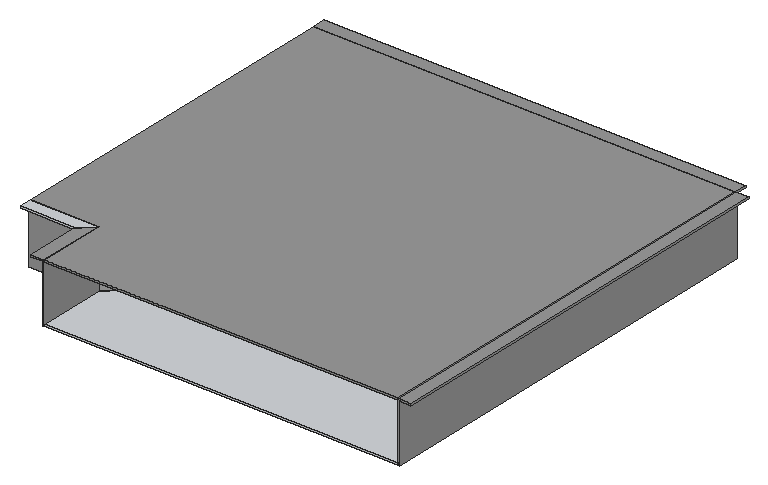
Revit family "OKB-FK 400 W 90 Abzweig", category Generic Models, Revit 2017
Family settings
  Can host rebar = No
  Round Connector Dimension = Use Diameter
  Part Type = Normal
  Work Plane-Based = No
  Always vertical = Yes
  Cut with Voids When Loaded = No
  Shared = No
  Room Calculation Point = No
Parameters (values of type "OKB-FK 400 W")
  URL = "http://www.obo-bettermann.com"
  Material = Strip galvanised
  Manufacturer Art.No. = "7403664"
  Manufacturer = "OBO BETTERMANN"
  GTIN = "4012196690718"
  Article Type = "OKB-FK 400 W"
Reference planes
  plane 1 "Center (Front/Back)": y = 0
  plane 2: z = 0
  plane 3 "Center (Left/Right)": x = 0
  plane 4: y = 466.5
  plane 5: x = 466.5
  plane 6: z = 2
  plane 7: through (0, 0, 1200) normal (-0.7071, 0.7071, 0)
  plane 8: x = 466.5
  plane 9: y = 466.5
  plane 10: z = 66
  plane 11: z = 66
Forms (mm)
  Extrusion 1, solid, material "Strip galvanised" <- "Material"
    sketch origin (0, 0, 0) x (1, 0, 0) y (0, 1, 0)
      loop
        line (0, 466.5) -> (0, 74.904) -> (74.904, 74.904) -> (466.5, 466.5) -> (0, 466.5)
    from 0 to 2
  Extrusion 2, solid
    sketch origin (0, 0, 0) x (0, 1, 0) y (-1, 0, 0)
      loop
        line (0, -466.5) -> (466.5, -466.5) -> (74.904, -74.904) -> (0, -74.904) -> (0, -466.5)
    from 0 to 2
  Extrusion 3, solid, material "Strip galvanised" <- "Material"
    sketch origin (0, 0, 0) x (1, 0, 0) y (0, 0, 1)
      loop
        line (466.5, 0) -> (468.5, 0) -> (468.5, 64) -> (480.9, 64) -> (480.9, 66) -> (466.5, 66) -> (466.5, 0)
    from -466.5 to 0
  Extrusion 4, solid, material "Strip galvanised" <- "Material"
    sketch origin (0, 0, 0) x (0, 1, 0) y (0, 0, -1)
      loop
        line (466.5, 0) -> (466.5, -66) -> (480.9, -66) -> (480.9, -64) -> (468.5, -64) -> (468.5, 0) -> (466.5, 0)
    from -466.5 to 0
  Extrusion 5, solid, material "Strip galvanised" <- "Material"
    sketch origin (0, 0, 0) x (1, 0, 0) y (0, 0, 1)
      loop
        line (74.904, 0) -> (74.904, 66) -> (60.504, 66) -> (60.504, 64) -> (72.904, 64) -> (72.904, 0) -> (74.904, 0)
    from -74.904 to 0
  Extrusion 6, void
    sketch origin (0, 0, 0) x (1, 0, 0) y (0, 1, 0)
      loop
        line (60.504, 60.504) -> (74.904, 74.904) -> (60.504, 74.904) -> (60.504, 60.504)
    from 0 to 66
  Extrusion 7, solid, material "Strip galvanised" <- "Material"
    sketch origin (0, 0, 0) x (1, 0, 0) y (0, 1, 0)
      loop
        line (0, 74.904) -> (0, 72.904) -> (72.904, 72.904) -> (74.904, 74.904) -> (0, 74.904)
    from 0 to 64
  Extrusion 8, solid
    sketch origin (0, 0, 0) x (1, 0, 0) y (0, 1, 0)
      loop
        line (60.504, 60.504) -> (74.904, 74.904) -> (0, 74.904) -> (0, 60.504) -> (60.504, 60.504)
    from 64 to 66
  Extrusion 9, solid, material "Strip galvanised" <- "Material"
    sketch origin (0, 0, 0) x (1, 0, 0) y (0, 1, 0)
      loop
        line (0, 466.5) -> (0, 74.904) -> (74.904, 74.904) -> (74.904, 0) -> (466.5, 0) -> (466.5, 466.5) -> (0, 466.5)
    from 64 to 66
Cuts and joins
  Extrusion 6 cuts Extrusion 1
  Extrusion 6 cuts Extrusion 5
Dimensions and locks
  locked: Extrusion 1 sketch curve to plane 5 at 466.5
  locked: plane 1 "Center (Front/Back)" to Extrusion 1 sketch curve at 466.5
  locked: Extrusion 1 sketch curve to Extrusion 1 sketch curve at 391.596
  locked: Extrusion 1 sketch curve to Extrusion 1 sketch curve at 74.904
  locked: Extrusion 1 to Extrusion 1 at 2
  locked: Extrusion 2 sketch curve to plane 9 at 466.5
  locked: Extrusion 2 sketch curve to Extrusion 2 sketch curve at 391.596
  locked: Extrusion 2 sketch curve to Extrusion 2 sketch curve at 74.904
  locked: Extrusion 2 to Extrusion 2 at 2
  locked: Extrusion 3 sketch curve to Extrusion 3 sketch curve at 66
  locked: Extrusion 3 sketch curve to Extrusion 3 sketch curve at 14.4
  locked: Extrusion 3 sketch curve to Extrusion 3 sketch curve at 2  (x2)
  locked: Extrusion 4 sketch curve to Extrusion 4 sketch curve at 66
  locked: Extrusion 4 sketch curve to Extrusion 4 sketch curve at 14.4
  locked: Extrusion 4 sketch curve to Extrusion 4 sketch curve at 2  (x2)
  locked: Extrusion 5 sketch curve to Extrusion 5 sketch curve at 2
  locked: Extrusion 4 to Extrusion 4 at 2
  locked: Extrusion 4 to Extrusion 1 at 66
  locked: cut or joined group of Extrusion 5, Extrusion 6 to cut or joined group of Extrusion 5, Extrusion 6 at 64
  locked: Extrusion 7 sketch curve to cut or joined group of Extrusion 1, Extrusion 6 at 2
  locked: Extrusion 7 sketch curve to Extrusion 7 sketch curve at 74.904
  locked: Extrusion 8 sketch curve to Extrusion 8 sketch curve at 74.904
  locked: Extrusion 7 to Extrusion 8 sketch curve at 14.4
  locked: cut or joined group of Extrusion 1, Extrusion 6 to Extrusion 3 at 466.5
  locked: Extrusion 2 to Extrusion 4 at 466.5
  aligned and locked: level to plane 2
  aligned and locked: Extrusion 1 to plane 6
  aligned and locked: plane 2 to Extrusion 3 sketch curve
  aligned and locked: Extrusion 3 to level
  aligned and locked: Extrusion 3 to Extrusion 1
  aligned and locked: plane 1 "Center (Front/Back)" to Extrusion 3
  aligned and locked: Extrusion 5 sketch curve to Extrusion 1
  aligned and locked: Extrusion 5 to level
  aligned and locked: Extrusion 4 to Extrusion 5
  aligned and locked: Extrusion 5 to Extrusion 1
  aligned and locked: plane 1 "Center (Front/Back)" to Extrusion 5
  aligned and locked: Extrusion 4 to Extrusion 6
  aligned and locked: Extrusion 1 to Extrusion 6
  aligned and locked: Extrusion 7 to Extrusion 3
  aligned and locked: Extrusion 8 to plane 7
  aligned and locked: Extrusion 8 to plane 3 "Center (Left/Right)"
  aligned and locked: Extrusion 8 to cut or joined group of Extrusion 1, Extrusion 6
  aligned and locked: Extrusion 3 to Extrusion 8  (x2)
  aligned and locked: Extrusion 3 to Extrusion 9
  aligned and locked: Extrusion 9 to Extrusion 3
